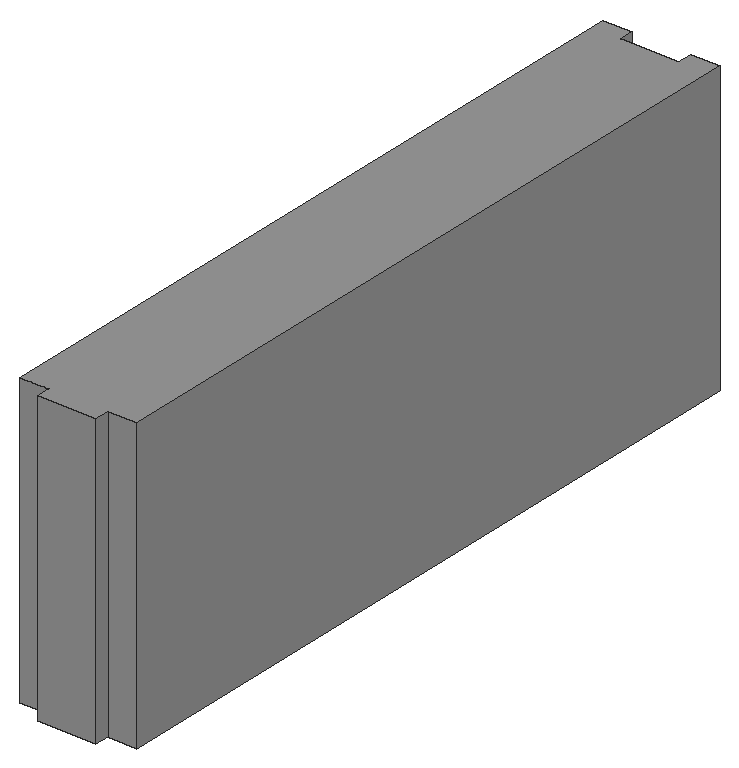
Revit family "DPP_HempBlock_Material", category Generic Models, Revit 2026
Family settings
  Can host rebar = No
  Round Connector Dimension = Use Diameter
  Part Type = Normal
  Work Plane-Based = No
  Always vertical = Yes
  Cut with Voids When Loaded = No
  Maintain Annotation Orientation = No
  Shared = Yes
  Room Calculation Point = No
Parameters
  URL = "https://www.bau-epd.at/epd/data/schoenthaler-bausteinwerk-gmbh-hanfsteine-ecoinvent-2025"
  Type IFC Predefined Type = "USERDEFINED"
  Type Comments = "8x50x20"
  Model = "Hempstone"
  Manufacturer = "Schönthaler Bausteinwerk GmbH"
  Keynote = "HKZ 335"
  Export Type to IFC As = "IfcBuildingElementProxyType"
  Description = "Made from 20–55% hemp shives and 45–80% lime-based mineral binder, entirely free of cement and petrochemical additives"
  Default Elevation = 0 mm
  DPP_DIM_Width_mm = 500 mm
  DPP_DIM_Length_mm = 80 mm
  DPP_DIM_Height_mm = 200 mm
  Cost = 3.8
Reference planes
  plane 1 "Center (Front/Back)": y = 0
  plane 2: z = 0
  plane 3 "Center (Left/Right)": x = 0
  plane 4 "Top": z = 200
  plane 5 "Left/Right": x = 80
  plane 6 "Front/Back": y = 500
Forms (mm)
  Extrusion 1, solid, material "Hemp-Lime"
    sketch origin (0, 0, 0) x (1, 0, 0) y (0, 1, 0)
      loop
        line (0, 0) -> (20, 0) -> (20, -10) -> (60, -10) -> (60, 0) -> (80, 0) -> (80, 500) -> (60, 500) -> (60, 490) -> (20, 490) -> (20, 500) -> (0, 500) -> (0, 0)
    from 0 to 200 <- "DPP_DIM_Height_mm"
Dimensions and locks
  "DPP_DIM_Height_mm": plane 4 "Top" to level
  "DPP_DIM_Width_mm": plane 6 "Front/Back" to plane 1 "Center (Front/Back)"
  "DPP_DIM_Length_mm": plane 3 "Center (Left/Right)" to plane 5 "Left/Right"
  Extrusion 1 sketch curve to Extrusion 1 sketch curve = 10 mm  (x2)
  aligned and locked: level to plane 2
  aligned and locked: plane 1 "Center (Front/Back)" to Extrusion 1 sketch curve
  aligned and locked: Extrusion 1 sketch curve to plane 3 "Center (Left/Right)"
  aligned and locked: plane 6 "Front/Back" to Extrusion 1 sketch curve
  aligned and locked: plane 5 "Left/Right" to Extrusion 1 sketch curve
Automatic sketch dimensions
  Extrusion 1 sketch curve to plane 6 "Front/Back" = 0 mm
  plane 1 "Center (Front/Back)" to Extrusion 1 sketch curve = 0 mm
  plane 3 "Center (Left/Right)" to Extrusion 1 sketch curve = 20 mm  (x2)
  Extrusion 1 sketch curve to plane 5 "Left/Right" = 20 mm  (x2)
